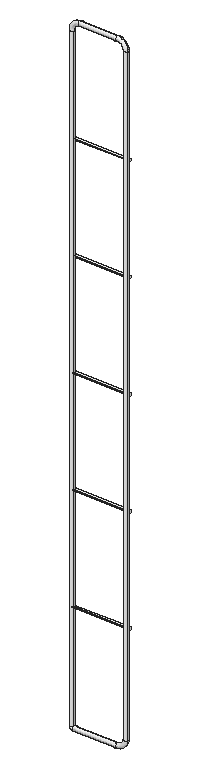
Revit family "SGLL1G", category 照明器具, Revit 2020
Family settings
  丸型コネクタ寸法 = 直径を使用
  パーツ タイプ = 標準
  作業面ベース = はい
  常に垂直 = いいえ
  ロード時にボイドで切り取り = いいえ
  光源 = いいえ
  共有 = いいえ
  部屋計算ポイント = いいえ
Parameters
  既定の高さ = 1219.2 mm
  仕上色 = ステンレス素地（電解研磨）
  カタログ番号 = "HS000207"
Reference planes
  plane 1 "中心(正面/背面)": y = 0
  plane 2: z = 0
  plane 3 "中心(左/右)": x = 0
  plane 4: z = 780
  plane 5: x = -35.5
  plane 6: x = 35.5
  plane 7: z = 646.667
  plane 8: z = 390
  plane 9: z = 133.333
  plane 10: z = 775
  plane 11: z = 5
  plane 12: z = 777.5
  plane 13: x = 33
  plane 14: x = -33
  plane 15: z = 2.5
  plane 16: y = -7.5
  plane 17: y = -5
  plane 18: z = 518.333
  plane 19: z = 261.667
  plane 20: y = -1.25
Forms (mm)
  Sweep 1, solid, material "ステンレス素地（電解研磨）" <- "仕上色"
    path origin (0, 0, 0) x (1, 0, 0) y (0, 0, 1)
      loop
        line (23, 777.5) -> (-23, 777.5)
        arc (-23, 777.5) -> (-30.071, 774.571) -> (-33, 767.5) r 10
        line (-33, 767.5) -> (-33, 5.25)
        arc (-33, 5.25) -> (-32.195, 3.305) -> (-30.25, 2.5) r 2.75
        line (-30.25, 2.5) -> (23, 2.5)
        arc (23, 2.5) -> (30.071, 5.429) -> (33, 12.5) r 10
        line (33, 12.5) -> (33, 767.5)
        arc (33, 767.5) -> (30.071, 774.571) -> (23, 777.5) r 10
    profile origin (0, 0, 777.5) x (0, 0, -1) y (0, -1, 0)
      loop
        circle (0, 5) r 2.5
  Extrusion 2, solid, material "ステンレス素地（電解研磨）" <- "仕上色"
    sketch origin (0, 0, 0) x (0, 1, 0) y (0, 0, 1)
      loop
        circle (-1.25, 646.667) r 1.25
      loop
        circle (-1.25, 518.333) r 1.25
      loop
        circle (-1.25, 390) r 1.25
      loop
        circle (-1.25, 261.667) r 1.25
      loop
        circle (-1.25, 133.333) r 1.25
    from -35.5 to 35.5
Dimensions and locks
  plane 4 to level = 780 mm
  locked: plane 4 to plane 10 at 5
  locked: plane 11 to level at 5
  equal spacing: plane 10, plane 7, plane 18, plane 8, plane 19, plane 9, plane 11
  equal spacing: plane 4, plane 12, plane 10
  equal spacing: plane 11, plane 15, level
  locked: plane 14 to plane 5 at 2.5
  locked: plane 6 to plane 13 at 2.5
  plane 6 to plane 5 = 71 mm
  plane 16 to plane 17 = 2.5 mm
  plane 16 to plane 1 "中心(正面/背面)" = 7.5 mm
  equal spacing: plane 6, plane 3 "中心(左/右)", plane 5
  aligned and locked: level to plane 2
  aligned and locked: plane 13 to Sweep 1 sketch curve
  aligned and locked: plane 12 to Sweep 1 sketch curve
  aligned and locked: Sweep 1 sketch curve to plane 14
  aligned and locked: Sweep 1 sketch curve to plane 15
  aligned and locked: Extrusion 2 to plane 5
  aligned and locked: plane 6 to Extrusion 2
Automatic sketch dimensions
  Sweep 1 sketch curve to profile plane = 0 mm
  plane 1 "中心(正面/背面)" to Sweep 1 sketch curve = 5 mm
  plane 14 to Sweep 1 sketch curve = 10 mm
  Sweep 1 sketch curve to plane 3 "中心(左/右)" = 30.25 mm
  Sweep 1 sketch curve to plane 13 = 10 mm  (x2)
  Extrusion 2 sketch curve to plane 18 = 0 mm
  Extrusion 2 sketch curve to plane 20 = 0 mm  (x5)
  Extrusion 2 sketch curve to plane 8 = 0 mm
  Extrusion 2 sketch curve to plane 19 = 0 mm
  Extrusion 2 sketch curve to plane 9 = 0 mm
  Extrusion 2 sketch curve to plane 7 = 0 mm
  radius of Sweep 1 sketch curve = 2.5 mm
  radius of Extrusion 2 sketch curve = 1.25 mm  (x5)
